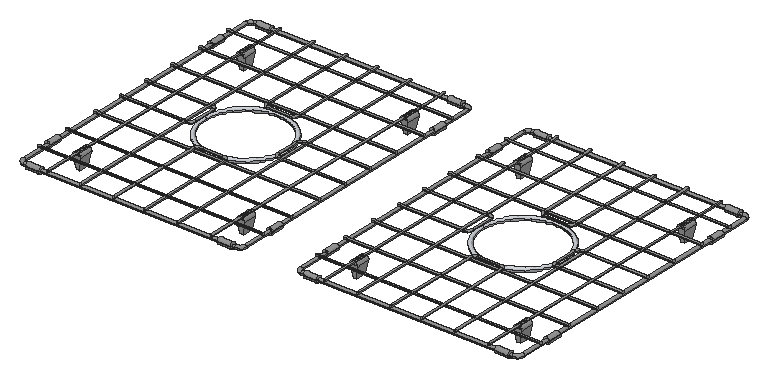
Revit family "ALMA-SGRIDT23-Jack_820_Double_Sink_Protector_Grid", category Generic Models, Revit 2026
Family settings
  Can host rebar = No
  Round Connector Dimension = Use Diameter
  Part Type = Normal
  Work Plane-Based = Yes
  Always vertical = Yes
  Cut with Voids When Loaded = No
  Maintain Annotation Orientation = No
  Shared = No
  Room Calculation Point = No
Parameters
  Grid_Material = BM_STAINLESS STEEL
  Default Elevation = 1219.2 mm
  Bumper_material = BM_MATTE BLACK
Reference planes
  plane 1 "Center (Front/Back)": y = 0
  plane 2: z = 0
  plane 3 "Center (Left/Right)": x = 0
  plane 4: x = -40
  plane 5: x = -380
  plane 6: y = 220
  plane 7: y = -220
  plane 8: x = -210
  plane 9: x = 40
  plane 10: x = 380
  plane 11: x = 210
Forms (mm)
  Sweep 1, solid
    path origin (0, 0, 2.5) x (1, 0, 0) y (0, 1, 0)
      loop
        circle (-210, 0) r 62.5
    profile origin (-210, 62.5, 2.5) x (0, -1, 0) y (0, 0, 1)
      loop
        circle (0, 0) r 2.5
  Sweep 2, solid, material "BM_STAINLESS STEEL" <- "Grid_Material"
    path origin (0, 0, 2.5) x (1, 0, 0) y (0, 1, 0)
      loop
        arc (-370, 217.5) -> (-375.303, 215.303) -> (-377.5, 210) r 7.5
        line (-377.5, 210) -> (-377.5, -210)
        arc (-377.5, -210) -> (-375.303, -215.303) -> (-370, -217.5) r 7.5
        line (-370, -217.5) -> (-50, -217.5)
        arc (-50, -217.5) -> (-44.697, -215.303) -> (-42.5, -210) r 7.5
        line (-42.5, -210) -> (-42.5, 210)
        arc (-42.5, 210) -> (-44.697, 215.303) -> (-50, 217.5) r 7.5
        line (-50, 217.5) -> (-370, 217.5)
    profile origin (-210, 217.5, 2.5) x (0, 1, 0) y (0, 0, 1)
      loop
        circle (0, 0) r 2.5
  Extrusion 3, solid, material "BM_STAINLESS STEEL" <- "Grid_Material"
    sketch origin (0, 16.539, 6.5) x (0, 1, 0) y (0, 0, 1)
      loop
        circle (-195.029, 0) r 1.5
    from -380 to -40
  Extrusion 4, solid, material "BM_STAINLESS STEEL" <- "Grid_Material"
    sketch origin (0, 69.539, 6.5) x (0, 1, 0) y (0, 0, 1)
      loop
        circle (-195.029, 0) r 1.5
    from -380 to -40
  Extrusion 5, solid, material "BM_STAINLESS STEEL" <- "Grid_Material"
    sketch origin (0, 122.539, 6.5) x (0, 1, 0) y (0, 0, 1)
      loop
        circle (-195.029, 0) r 1.5
    from -380 to -40
  Extrusion 6, solid, material "BM_STAINLESS STEEL" <- "Grid_Material"
    sketch origin (0, -16.539, 6.5) x (0, -1, 0) y (0, 0, -1)
      loop
        circle (-195.029, 0) r 1.5
    from -380 to -40
  Extrusion 7, solid, material "BM_STAINLESS STEEL" <- "Grid_Material"
    sketch origin (0, -69.539, 6.5) x (0, -1, 0) y (0, 0, -1)
      loop
        circle (-195.029, 0) r 1.5
    from -380 to -40
  Extrusion 8, solid, material "BM_STAINLESS STEEL" <- "Grid_Material"
    sketch origin (0, -122.539, 6.5) x (0, -1, 0) y (0, 0, -1)
      loop
        circle (-195.029, 0) r 1.5
    from -380 to -40
  Sweep 9, solid, material "BM_STAINLESS STEEL" <- "Grid_Material"
    path origin (0, 0, 6.5) x (1, 0, 0) y (0, 1, 0)
      loop
        line (-380, -23.5) -> (-279, -23.5)
        arc (-279, -23.5) -> (-274.757, -21.743) -> (-273, -17.5) r 6
        line (-273, -17.5) -> (-273, 17.5)
        arc (-273, 17.5) -> (-274.757, 21.743) -> (-279, 23.5) r 6
        line (-279, 23.5) -> (-380, 23.5)
    profile origin (-329.5, -23.5, 6.5) x (0, 1, 0) y (0, 0, 1)
      loop
        circle (0, 0) r 1.5
  Sweep 10, solid, material "BM_STAINLESS STEEL" <- "Grid_Material"
    path origin (-420, 0, 6.5) x (-1, 0, 0) y (0, -1, 0)
      loop
        line (-380, 23.5) -> (-279, 23.5)
        arc (-279, 23.5) -> (-274.757, 21.743) -> (-273, 17.5) r 6
        line (-273, 17.5) -> (-273, -17.5)
        arc (-273, -17.5) -> (-274.757, -21.743) -> (-279, -23.5) r 6
        line (-279, -23.5) -> (-380, -23.5)
    profile origin (-90.5, -23.5, 6.5) x (0, -1, 0) y (0, 0, 1)
      loop
        circle (0, 0) r 1.5
  Revolve 11, solid, material "BM_MATTE BLACK" <- "Bumper_material"
    sketch origin (0, 0, 2.5) x (1, 0, 0) y (0, 1, 0)
      loop
        line (-364.943, 212.982) -> (-344.943, 212.982) -> (-344.943, 217.482) -> (-364.943, 217.482) -> (-364.943, 212.982)
      axis (-364.943, 217.482) -> (-344.943, 217.482)
    angle from 0 to 360
  Revolve 12, solid, material "BM_MATTE BLACK" <- "Bumper_material"
    sketch origin (0, 0, 2.5) x (1, 0, 0) y (0, 1, 0)
      loop
        line (-377.75, 164.426) -> (-377.75, 144.426) -> (-373.25, 144.426) -> (-373.25, 164.426) -> (-377.75, 164.426)
      axis (-377.75, 144.426) -> (-377.75, 164.426)
    angle from 0 to 360
  Revolve 13, solid, material "BM_MATTE BLACK" <- "Bumper_material"
    sketch origin (-420, 0, 2.5) x (-1, 0, 0) y (0, -1, 0)
      loop
        line (-364.943, -212.982) -> (-364.943, -217.482) -> (-344.943, -217.482) -> (-344.943, -212.982) -> (-364.943, -212.982)
      axis (-364.943, -217.482) -> (-344.943, -217.482)
    angle from 0 to 360
  Revolve 14, solid, material "BM_MATTE BLACK" <- "Bumper_material"
    sketch origin (0, 0, 2.5) x (1, 0, 0) y (0, 1, 0)
      loop
        line (-364.943, -212.982) -> (-364.943, -217.482) -> (-344.943, -217.482) -> (-344.943, -212.982) -> (-364.943, -212.982)
      axis (-364.943, -217.482) -> (-344.943, -217.482)
    angle from 0 to 360
  Revolve 15, solid, material "BM_MATTE BLACK" <- "Bumper_material"
    sketch origin (-420, 0, 2.5) x (-1, 0, 0) y (0, -1, 0)
      loop
        line (-364.943, 212.982) -> (-344.943, 212.982) -> (-344.943, 217.482) -> (-364.943, 217.482) -> (-364.943, 212.982)
      axis (-364.943, 217.482) -> (-344.943, 217.482)
    angle from 0 to 360
  Revolve 16, solid, material "BM_MATTE BLACK" <- "Bumper_material"
    sketch origin (-420, 0, 2.5) x (-1, 0, 0) y (0, -1, 0)
      loop
        line (-377.75, -164.426) -> (-373.25, -164.426) -> (-373.25, -144.426) -> (-377.75, -144.426) -> (-377.75, -164.426)
      axis (-377.75, -144.426) -> (-377.75, -164.426)
    angle from 0 to 360
  Revolve 17, solid, material "BM_MATTE BLACK" <- "Bumper_material"
    sketch origin (0, 0, 2.5) x (1, 0, 0) y (0, 1, 0)
      loop
        line (-377.75, -164.426) -> (-373.25, -164.426) -> (-373.25, -144.426) -> (-377.75, -144.426) -> (-377.75, -164.426)
      axis (-377.75, -144.426) -> (-377.75, -164.426)
    angle from 0 to 360
  Revolve 18, solid, material "BM_MATTE BLACK" <- "Bumper_material"
    sketch origin (-420, 0, 2.5) x (-1, 0, 0) y (0, -1, 0)
      loop
        line (-377.75, 164.426) -> (-377.75, 144.426) -> (-373.25, 144.426) -> (-373.25, 164.426) -> (-377.75, 164.426)
      axis (-377.75, 144.426) -> (-377.75, 164.426)
    angle from 0 to 360
  Extrusion 19, solid, material "BM_STAINLESS STEEL" <- "Grid_Material"
    sketch origin (-138.486, 260, 6.5) x (1, 0, 0) y (0, 0, -1)
      loop
        circle (-195.029, 0) r 1.5
    from -480 to -40
  Extrusion 20, solid, material "BM_STAINLESS STEEL" <- "Grid_Material"
    sketch origin (-87.94, 260, 6.5) x (1, 0, 0) y (0, 0, -1)
      loop
        circle (-195.029, 0) r 1.5
    from -480 to -40
  Extrusion 21, solid, material "BM_STAINLESS STEEL" <- "Grid_Material"
    sketch origin (-280.577, 260, 6.5) x (-1, 0, 0) y (0, 0, 1)
      loop
        circle (-195.029, 0) r 1.5
    from -480 to -40
  Extrusion 22, solid, material "BM_STAINLESS STEEL" <- "Grid_Material"
    sketch origin (-331.12, 260, 6.5) x (-1, 0, 0) y (0, 0, 1)
      loop
        circle (-195.029, 0) r 1.5
    from -480 to -40
  Sweep 23, solid, material "BM_STAINLESS STEEL" <- "Grid_Material"
    path origin (-209.591, -160, 6.5) x (0, -1, 0) y (1, 0, 0)
      loop
        line (-380, -23.5) -> (-229, -23.5)
        arc (-229, -23.5) -> (-224.757, -21.743) -> (-223, -17.5) r 6
        line (-223, -17.5) -> (-223, 17.5)
        arc (-223, 17.5) -> (-224.757, 21.743) -> (-229, 23.5) r 6
        line (-229, 23.5) -> (-380, 23.5)
    profile origin (-233.091, 144.5, 6.5) x (1, 0, 0) y (0, 0, 1)
      loop
        circle (0, 0) r 1.5
  Sweep 24, solid, material "BM_STAINLESS STEEL" <- "Grid_Material"
    path origin (-209.591, 160, 6.5) x (0, 1, 0) y (-1, 0, 0)
      loop
        line (-380, 23.5) -> (-229, 23.5)
        arc (-229, 23.5) -> (-224.757, 21.743) -> (-223, 17.5) r 6
        line (-223, 17.5) -> (-223, -17.5)
        arc (-223, -17.5) -> (-224.757, -21.743) -> (-229, -23.5) r 6
        line (-229, -23.5) -> (-380, -23.5)
    profile origin (-233.091, -144.5, 6.5) x (-1, 0, 0) y (0, 0, 1)
      loop
        circle (0, 0) r 1.5
  Extrusion 25, solid, material "BM_MATTE BLACK" <- "Bumper_material"
    sketch origin (-62.911, -144.426, 6.98) x (1, 0, 0) y (0, 0, 1)
      loop
        line (-28.577, -5.763) -> (-25.582, -23.995) -> (-19.74, -23.995) -> (-16.736, -5.766)
        arc (-16.736, -5.766) -> (-17.629, -1.516) -> (-21.157, 1.019) r 6
        line (-21.157, 1.019) -> (-21.157, -0.48)
        arc (-21.157, -0.48) -> (-22.657, -1.98) -> (-24.157, -0.48) r 1.5
        line (-24.157, -0.48) -> (-24.157, 1.019)
        arc (-24.157, 1.019) -> (-27.683, -1.514) -> (-28.577, -5.763) r 6
    from 0 to 20
  Extrusion 26, void
    sketch origin (0, -0.392, -0.599) x (0, 1, 0) y (0, 0, 1)
      loop
        line (-142.908, 4.018) -> (-144.034, 4.018) -> (-146.642, -16.415) -> (-142.908, -16.415) -> (-142.908, 4.018)
      loop
        line (-165.159, 4.018) -> (-165.159, -16.415) -> (-161.425, -16.415) -> (-164.034, 4.018) -> (-165.159, 4.018)
    from -93.255 to -77.896
  Extrusion 27, solid, material "BM_MATTE BLACK" <- "Bumper_material"
    sketch origin (-356.171, -144.426, 6.98) x (-1, 0, 0) y (0, 0, -1)
      loop
        arc (-28.577, 5.763) -> (-27.683, 1.514) -> (-24.157, -1.019) r 6
        line (-24.157, -1.019) -> (-24.157, 0.48)
        arc (-24.157, 0.48) -> (-22.657, 1.98) -> (-21.157, 0.48) r 1.5
        line (-21.157, 0.48) -> (-21.157, -1.019)
        arc (-21.157, -1.019) -> (-17.629, 1.516) -> (-16.736, 5.766) r 6
        line (-16.736, 5.766) -> (-19.74, 23.995) -> (-25.582, 23.995) -> (-28.577, 5.763)
    from 0 to 20
  Extrusion 28, void
    sketch origin (-419.083, -0.392, -0.599) x (0, 1, 0) y (0, 0, -1)
      loop
        line (-142.908, -4.018) -> (-142.908, 16.415) -> (-146.642, 16.415) -> (-144.034, -4.018) -> (-142.908, -4.018)
      loop
        line (-165.159, -4.018) -> (-164.034, -4.018) -> (-161.425, 16.415) -> (-165.159, 16.415) -> (-165.159, -4.018)
    from -93.255 to -77.896
  Extrusion 29, solid, material "BM_MATTE BLACK" <- "Bumper_material"
    sketch origin (-62.911, 144.426, 6.98) x (1, 0, 0) y (0, 0, -1)
      loop
        arc (-28.577, 5.763) -> (-27.683, 1.514) -> (-24.157, -1.019) r 6
        line (-24.157, -1.019) -> (-24.157, 0.48)
        arc (-24.157, 0.48) -> (-22.657, 1.98) -> (-21.157, 0.48) r 1.5
        line (-21.157, 0.48) -> (-21.157, -1.019)
        arc (-21.157, -1.019) -> (-17.629, 1.516) -> (-16.736, 5.766) r 6
        line (-16.736, 5.766) -> (-19.74, 23.995) -> (-25.582, 23.995) -> (-28.577, 5.763)
    from 0 to 20
  Extrusion 30, void
    sketch origin (0, 0.392, -0.599) x (0, -1, 0) y (0, 0, -1)
      loop
        line (-142.908, -4.018) -> (-142.908, 16.415) -> (-146.642, 16.415) -> (-144.034, -4.018) -> (-142.908, -4.018)
      loop
        line (-165.159, -4.018) -> (-164.034, -4.018) -> (-161.425, 16.415) -> (-165.159, 16.415) -> (-165.159, -4.018)
    from -93.255 to -77.896
  Extrusion 31, solid, material "BM_MATTE BLACK" <- "Bumper_material"
    sketch origin (-356.171, 144.426, 6.98) x (-1, 0, 0) y (0, 0, 1)
      loop
        line (-28.577, -5.763) -> (-25.582, -23.995) -> (-19.74, -23.995) -> (-16.736, -5.766)
        arc (-16.736, -5.766) -> (-17.629, -1.516) -> (-21.157, 1.019) r 6
        line (-21.157, 1.019) -> (-21.157, -0.48)
        arc (-21.157, -0.48) -> (-22.657, -1.98) -> (-24.157, -0.48) r 1.5
        line (-24.157, -0.48) -> (-24.157, 1.019)
        arc (-24.157, 1.019) -> (-27.683, -1.514) -> (-28.577, -5.763) r 6
    from 0 to 20
  Extrusion 32, void
    sketch origin (-419.083, 0.392, -0.599) x (0, -1, 0) y (0, 0, 1)
      loop
        line (-142.908, 4.018) -> (-144.034, 4.018) -> (-146.642, -16.415) -> (-142.908, -16.415) -> (-142.908, 4.018)
      loop
        line (-165.159, 4.018) -> (-165.159, -16.415) -> (-161.425, -16.415) -> (-164.034, 4.018) -> (-165.159, 4.018)
    from -93.255 to -77.896
  Sweep 33, solid
    path origin (0, 0, 2.5) x (-1, 0, 0) y (0, -1, 0)
      loop
        circle (-210, 0) r 62.5
    profile origin (210, 62.5, 2.5) x (0, 1, 0) y (0, 0, 1)
      loop
        circle (0, 0) r 2.5
  Sweep 34, solid, material "BM_STAINLESS STEEL" <- "Grid_Material"
    path origin (0, 0, 2.5) x (-1, 0, 0) y (0, -1, 0)
      loop
        line (-370, -217.5) -> (-50, -217.5)
        arc (-50, -217.5) -> (-44.697, -215.303) -> (-42.5, -210) r 7.5
        line (-42.5, -210) -> (-42.5, 210)
        arc (-42.5, 210) -> (-44.697, 215.303) -> (-50, 217.5) r 7.5
        line (-50, 217.5) -> (-370, 217.5)
        arc (-370, 217.5) -> (-375.303, 215.303) -> (-377.5, 210) r 7.5
        line (-377.5, 210) -> (-377.5, -210)
        arc (-377.5, -210) -> (-375.303, -215.303) -> (-370, -217.5) r 7.5
    profile origin (210, 217.5, 2.5) x (0, -1, 0) y (0, 0, 1)
      loop
        circle (0, 0) r 2.5
  Extrusion 35, solid, material "BM_STAINLESS STEEL" <- "Grid_Material"
    sketch origin (0, 16.539, 6.5) x (0, 1, 0) y (0, 0, -1)
      loop
        circle (-195.029, 0) r 1.5
    from -380 to -40
  Extrusion 36, solid, material "BM_STAINLESS STEEL" <- "Grid_Material"
    sketch origin (0, 69.539, 6.5) x (0, 1, 0) y (0, 0, -1)
      loop
        circle (-195.029, 0) r 1.5
    from -380 to -40
  Extrusion 37, solid, material "BM_STAINLESS STEEL" <- "Grid_Material"
    sketch origin (0, 122.539, 6.5) x (0, 1, 0) y (0, 0, -1)
      loop
        circle (-195.029, 0) r 1.5
    from -380 to -40
  Extrusion 38, solid, material "BM_STAINLESS STEEL" <- "Grid_Material"
    sketch origin (0, -16.539, 6.5) x (0, -1, 0) y (0, 0, 1)
      loop
        circle (-195.029, 0) r 1.5
    from -380 to -40
  Extrusion 39, solid, material "BM_STAINLESS STEEL" <- "Grid_Material"
    sketch origin (0, -69.539, 6.5) x (0, -1, 0) y (0, 0, 1)
      loop
        circle (-195.029, 0) r 1.5
    from -380 to -40
  Extrusion 40, solid, material "BM_STAINLESS STEEL" <- "Grid_Material"
    sketch origin (0, -122.539, 6.5) x (0, -1, 0) y (0, 0, 1)
      loop
        circle (-195.029, 0) r 1.5
    from -380 to -40
  Sweep 41, solid, material "BM_STAINLESS STEEL" <- "Grid_Material"
    path origin (0, 0, 6.5) x (-1, 0, 0) y (0, -1, 0)
      loop
        line (-380, 23.5) -> (-279, 23.5)
        arc (-279, 23.5) -> (-274.757, 21.743) -> (-273, 17.5) r 6
        line (-273, 17.5) -> (-273, -17.5)
        arc (-273, -17.5) -> (-274.757, -21.743) -> (-279, -23.5) r 6
        line (-279, -23.5) -> (-380, -23.5)
    profile origin (329.5, -23.5, 6.5) x (0, -1, 0) y (0, 0, 1)
      loop
        circle (0, 0) r 1.5
  Sweep 42, solid, material "BM_STAINLESS STEEL" <- "Grid_Material"
    path origin (420, 0, 6.5) x (1, 0, 0) y (0, 1, 0)
      loop
        line (-380, -23.5) -> (-279, -23.5)
        arc (-279, -23.5) -> (-274.757, -21.743) -> (-273, -17.5) r 6
        line (-273, -17.5) -> (-273, 17.5)
        arc (-273, 17.5) -> (-274.757, 21.743) -> (-279, 23.5) r 6
        line (-279, 23.5) -> (-380, 23.5)
    profile origin (90.5, -23.5, 6.5) x (0, 1, 0) y (0, 0, 1)
      loop
        circle (0, 0) r 1.5
  Revolve 43, solid, material "BM_MATTE BLACK" <- "Bumper_material"
    sketch origin (0, 0, 2.5) x (-1, 0, 0) y (0, -1, 0)
      loop
        line (-364.943, -212.982) -> (-364.943, -217.482) -> (-344.943, -217.482) -> (-344.943, -212.982) -> (-364.943, -212.982)
      axis (-364.943, -217.482) -> (-344.943, -217.482)
    angle from 0 to 360
  Revolve 44, solid, material "BM_MATTE BLACK" <- "Bumper_material"
    sketch origin (0, 0, 2.5) x (-1, 0, 0) y (0, -1, 0)
      loop
        line (-377.75, -164.426) -> (-373.25, -164.426) -> (-373.25, -144.426) -> (-377.75, -144.426) -> (-377.75, -164.426)
      axis (-377.75, -144.426) -> (-377.75, -164.426)
    angle from 0 to 360
  Revolve 45, solid, material "BM_MATTE BLACK" <- "Bumper_material"
    sketch origin (420, 0, 2.5) x (1, 0, 0) y (0, 1, 0)
      loop
        line (-364.943, 212.982) -> (-344.943, 212.982) -> (-344.943, 217.482) -> (-364.943, 217.482) -> (-364.943, 212.982)
      axis (-364.943, 217.482) -> (-344.943, 217.482)
    angle from 0 to 360
  Revolve 46, solid, material "BM_MATTE BLACK" <- "Bumper_material"
    sketch origin (0, 0, 2.5) x (-1, 0, 0) y (0, -1, 0)
      loop
        line (-364.943, 212.982) -> (-344.943, 212.982) -> (-344.943, 217.482) -> (-364.943, 217.482) -> (-364.943, 212.982)
      axis (-364.943, 217.482) -> (-344.943, 217.482)
    angle from 0 to 360
  Revolve 47, solid, material "BM_MATTE BLACK" <- "Bumper_material"
    sketch origin (420, 0, 2.5) x (1, 0, 0) y (0, 1, 0)
      loop
        line (-364.943, -212.982) -> (-364.943, -217.482) -> (-344.943, -217.482) -> (-344.943, -212.982) -> (-364.943, -212.982)
      axis (-364.943, -217.482) -> (-344.943, -217.482)
    angle from 0 to 360
  Revolve 48, solid, material "BM_MATTE BLACK" <- "Bumper_material"
    sketch origin (420, 0, 2.5) x (1, 0, 0) y (0, 1, 0)
      loop
        line (-377.75, 164.426) -> (-377.75, 144.426) -> (-373.25, 144.426) -> (-373.25, 164.426) -> (-377.75, 164.426)
      axis (-377.75, 144.426) -> (-377.75, 164.426)
    angle from 0 to 360
  Revolve 49, solid, material "BM_MATTE BLACK" <- "Bumper_material"
    sketch origin (0, 0, 2.5) x (-1, 0, 0) y (0, -1, 0)
      loop
        line (-377.75, 164.426) -> (-377.75, 144.426) -> (-373.25, 144.426) -> (-373.25, 164.426) -> (-377.75, 164.426)
      axis (-377.75, 144.426) -> (-377.75, 164.426)
    angle from 0 to 360
  Revolve 50, solid, material "BM_MATTE BLACK" <- "Bumper_material"
    sketch origin (420, 0, 2.5) x (1, 0, 0) y (0, 1, 0)
      loop
        line (-377.75, -164.426) -> (-373.25, -164.426) -> (-373.25, -144.426) -> (-377.75, -144.426) -> (-377.75, -164.426)
      axis (-377.75, -144.426) -> (-377.75, -164.426)
    angle from 0 to 360
  Extrusion 51, solid, material "BM_STAINLESS STEEL" <- "Grid_Material"
    sketch origin (138.486, 260, 6.5) x (-1, 0, 0) y (0, 0, 1)
      loop
        circle (-195.029, 0) r 1.5
    from -480 to -40
  Extrusion 52, solid, material "BM_STAINLESS STEEL" <- "Grid_Material"
    sketch origin (87.94, 260, 6.5) x (-1, 0, 0) y (0, 0, 1)
      loop
        circle (-195.029, 0) r 1.5
    from -480 to -40
  Extrusion 53, solid, material "BM_STAINLESS STEEL" <- "Grid_Material"
    sketch origin (280.577, 260, 6.5) x (1, 0, 0) y (0, 0, -1)
      loop
        circle (-195.029, 0) r 1.5
    from -480 to -40
  Extrusion 54, solid, material "BM_STAINLESS STEEL" <- "Grid_Material"
    sketch origin (331.12, 260, 6.5) x (1, 0, 0) y (0, 0, -1)
      loop
        circle (-195.029, 0) r 1.5
    from -480 to -40
  Sweep 55, solid, material "BM_STAINLESS STEEL" <- "Grid_Material"
    path origin (209.591, -160, 6.5) x (0, -1, 0) y (1, 0, 0)
      loop
        line (-380, 23.5) -> (-229, 23.5)
        arc (-229, 23.5) -> (-224.757, 21.743) -> (-223, 17.5) r 6
        line (-223, 17.5) -> (-223, -17.5)
        arc (-223, -17.5) -> (-224.757, -21.743) -> (-229, -23.5) r 6
        line (-229, -23.5) -> (-380, -23.5)
    profile origin (233.091, 144.5, 6.5) x (1, 0, 0) y (0, 0, 1)
      loop
        circle (0, 0) r 1.5
  Sweep 56, solid, material "BM_STAINLESS STEEL" <- "Grid_Material"
    path origin (209.591, 160, 6.5) x (0, 1, 0) y (-1, 0, 0)
      loop
        line (-380, -23.5) -> (-229, -23.5)
        arc (-229, -23.5) -> (-224.757, -21.743) -> (-223, -17.5) r 6
        line (-223, -17.5) -> (-223, 17.5)
        arc (-223, 17.5) -> (-224.757, 21.743) -> (-229, 23.5) r 6
        line (-229, 23.5) -> (-380, 23.5)
    profile origin (233.091, -144.5, 6.5) x (-1, 0, 0) y (0, 0, 1)
      loop
        circle (0, 0) r 1.5
  Extrusion 57, solid, material "BM_MATTE BLACK" <- "Bumper_material"
    sketch origin (62.911, -144.426, 6.98) x (-1, 0, 0) y (0, 0, -1)
      loop
        arc (-28.577, 5.763) -> (-27.683, 1.514) -> (-24.157, -1.019) r 6
        line (-24.157, -1.019) -> (-24.157, 0.48)
        arc (-24.157, 0.48) -> (-22.657, 1.98) -> (-21.157, 0.48) r 1.5
        line (-21.157, 0.48) -> (-21.157, -1.019)
        arc (-21.157, -1.019) -> (-17.629, 1.516) -> (-16.736, 5.766) r 6
        line (-16.736, 5.766) -> (-19.74, 23.995) -> (-25.582, 23.995) -> (-28.577, 5.763)
    from 0 to 20
  Extrusion 58, void
    sketch origin (0, -0.392, -0.599) x (0, 1, 0) y (0, 0, -1)
      loop
        line (-142.908, -4.018) -> (-142.908, 16.415) -> (-146.642, 16.415) -> (-144.034, -4.018) -> (-142.908, -4.018)
      loop
        line (-165.159, -4.018) -> (-164.034, -4.018) -> (-161.425, 16.415) -> (-165.159, 16.415) -> (-165.159, -4.018)
    from -93.255 to -77.896
  Extrusion 59, solid, material "BM_MATTE BLACK" <- "Bumper_material"
    sketch origin (356.171, -144.426, 6.98) x (1, 0, 0) y (0, 0, 1)
      loop
        line (-28.577, -5.763) -> (-25.582, -23.995) -> (-19.74, -23.995) -> (-16.736, -5.766)
        arc (-16.736, -5.766) -> (-17.629, -1.516) -> (-21.157, 1.019) r 6
        line (-21.157, 1.019) -> (-21.157, -0.48)
        arc (-21.157, -0.48) -> (-22.657, -1.98) -> (-24.157, -0.48) r 1.5
        line (-24.157, -0.48) -> (-24.157, 1.019)
        arc (-24.157, 1.019) -> (-27.683, -1.514) -> (-28.577, -5.763) r 6
    from 0 to 20
  Extrusion 60, void
    sketch origin (419.083, -0.392, -0.599) x (0, 1, 0) y (0, 0, 1)
      loop
        line (-142.908, 4.018) -> (-144.034, 4.018) -> (-146.642, -16.415) -> (-142.908, -16.415) -> (-142.908, 4.018)
      loop
        line (-165.159, 4.018) -> (-165.159, -16.415) -> (-161.425, -16.415) -> (-164.034, 4.018) -> (-165.159, 4.018)
    from -93.255 to -77.896
  Extrusion 61, solid, material "BM_MATTE BLACK" <- "Bumper_material"
    sketch origin (62.911, 144.426, 6.98) x (-1, 0, 0) y (0, 0, 1)
      loop
        line (-28.577, -5.763) -> (-25.582, -23.995) -> (-19.74, -23.995) -> (-16.736, -5.766)
        arc (-16.736, -5.766) -> (-17.629, -1.516) -> (-21.157, 1.019) r 6
        line (-21.157, 1.019) -> (-21.157, -0.48)
        arc (-21.157, -0.48) -> (-22.657, -1.98) -> (-24.157, -0.48) r 1.5
        line (-24.157, -0.48) -> (-24.157, 1.019)
        arc (-24.157, 1.019) -> (-27.683, -1.514) -> (-28.577, -5.763) r 6
    from 0 to 20
  Extrusion 62, void
    sketch origin (0, 0.392, -0.599) x (0, -1, 0) y (0, 0, 1)
      loop
        line (-142.908, 4.018) -> (-144.034, 4.018) -> (-146.642, -16.415) -> (-142.908, -16.415) -> (-142.908, 4.018)
      loop
        line (-165.159, 4.018) -> (-165.159, -16.415) -> (-161.425, -16.415) -> (-164.034, 4.018) -> (-165.159, 4.018)
    from -93.255 to -77.896
  Extrusion 63, solid, material "BM_MATTE BLACK" <- "Bumper_material"
    sketch origin (356.171, 144.426, 6.98) x (1, 0, 0) y (0, 0, -1)
      loop
        arc (-28.577, 5.763) -> (-27.683, 1.514) -> (-24.157, -1.019) r 6
        line (-24.157, -1.019) -> (-24.157, 0.48)
        arc (-24.157, 0.48) -> (-22.657, 1.98) -> (-21.157, 0.48) r 1.5
        line (-21.157, 0.48) -> (-21.157, -1.019)
        arc (-21.157, -1.019) -> (-17.629, 1.516) -> (-16.736, 5.766) r 6
        line (-16.736, 5.766) -> (-19.74, 23.995) -> (-25.582, 23.995) -> (-28.577, 5.763)
    from 0 to 20
  Extrusion 64, void
    sketch origin (419.083, 0.392, -0.599) x (0, -1, 0) y (0, 0, -1)
      loop
        line (-142.908, -4.018) -> (-142.908, 16.415) -> (-146.642, 16.415) -> (-144.034, -4.018) -> (-142.908, -4.018)
      loop
        line (-165.159, -4.018) -> (-164.034, -4.018) -> (-161.425, 16.415) -> (-165.159, 16.415) -> (-165.159, -4.018)
    from -93.255 to -77.896
Cuts and joins
  Extrusion 26, Extrusion 30, Extrusion 58 cuts Extrusion 25
  Extrusion 28, Extrusion 32, Extrusion 60 cuts Extrusion 27
  Extrusion 30, Extrusion 62 cuts Extrusion 29
  Extrusion 32, Extrusion 64 cuts Extrusion 31
  joined: Revolve 12, Revolve 14, Revolve 17
  Extrusion 58 cuts Extrusion 57
  Extrusion 60 cuts Extrusion 59
  Extrusion 62 cuts Extrusion 61
  Extrusion 64 cuts Extrusion 63
Text (mm)
  text "Refer to www.buildmat.com.au for the most current product literature. \nAllow a +/- 5mm tolerance for dimensions shown in the product literature. \nPlease note product details are subject to change due to ongoing product development." at (-23.416, -485.673, 0), in view "Ref. Level"
Dimensions and locks
  plane 5 to plane 4 = 340 mm
  plane 9 to plane 10 = 340 mm
  plane 6 to plane 7 = 440 mm
  aligned and locked: level to plane 2
